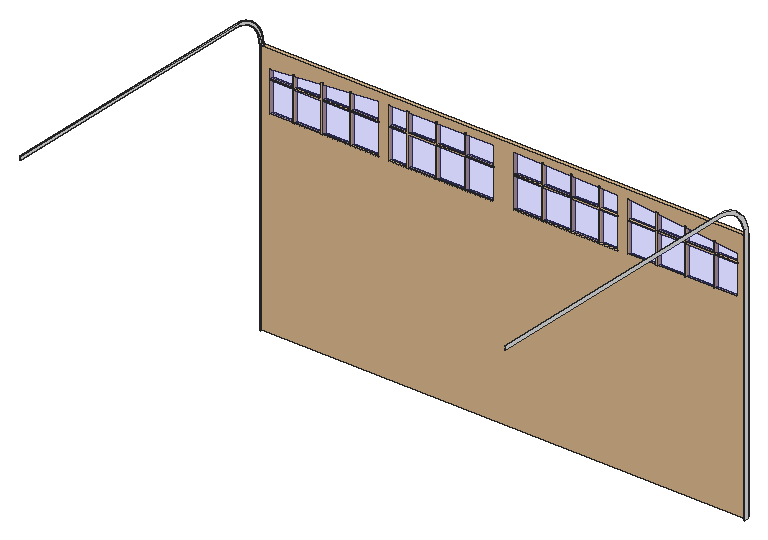
Revit family
Parameters (values of type "7Ft H x 16Ft W")
  Track Width = Width + 0' 2"  # 16' - 2"
  Track Height = Height + 1' 0"  # 9' - 6"
  Track Depth = 10' - 0"
  Track = Metal
  SmartBIM Object Version = 1  # constant formula
  SmartBIM Object Created By = "Reed Construction Data"  # constant formula
  Rough Width = 0' - 0"
  Rough Height = 0' - 0"
  Panel Thickness = 0' - 1 1/2"
  Manufacturer = ""
  Height = 8' - 6"
  Wall Closure = (empty or 0)
  Width = 16' - 0"
  Door Glass = Glass
  Door = Wood
  95 CSI = "08360"  # constant formula
  04 CSI = "08 36 13"  # constant formula
Reference planes (in)
  plane 1 "Center (Front/Back)": y = 0
  plane 2 "Center (Left/Right)": x = 0
  plane 3 "Left": x = -96
  plane 4 "Right": x = 96
  plane 5 "Top": z = 102
  plane 6: x = -97
  plane 7: x = 97
  plane 8: y = -3.25
  plane 9: z = 78.75
  plane 10: z = 39.375
  plane 11: z = 99
  plane 12: y = -2.5
  plane 13: y = -2.5
  plane 14 "Ext": y = -3.25
  plane 15: y = -2.5
  plane 16 "Int": y = -1.75
  plane 17: z = 95
  plane 18: x = 94
  plane 19: x = -94
  plane 20: x = 84.5
  plane 21: x = 61.5
  plane 22: x = 27
  plane 23: x = 73
  plane 24: x = 38.5
  plane 25: x = 4
  plane 26: x = 50
  plane 27: x = 15.5
  plane 28: z = 91
  plane 29: x = 84.25
  plane 30: x = 72.75
  plane 31: x = 61.25
  plane 32: x = 37.75
  plane 33: x = 38.25
  plane 34: x = 26.75
  plane 35: x = 15.25
  plane 36: x = -4
  plane 37: x = -84.5
  plane 38: x = -61.5
  plane 39: x = -27
  plane 40: x = -73
  plane 41: x = -38.5
  plane 42: x = -50
  plane 43: x = -15.5
  plane 44: x = -15.75
  plane 45: x = -27.25
  plane 46: x = -38.75
  plane 47: x = -61.75
  plane 48: x = -73.25
  plane 49: x = -84.75
  plane 50: z = 90.75
  plane 51: z = 76.75
  plane 52: z = 40.375
  plane 53: z = 38.375
  plane 54: z = 1
  plane 55: y = -3
  plane 56: x = 89.25
  plane 57: x = 78.75
  plane 58: x = 67.25
  plane 59: x = 55.75
  plane 60: x = 42.25
  plane 61: x = 32.75
  plane 62: x = 21.25
  plane 63: x = 9.75
  plane 64: x = -9.75
  plane 65: x = -21.25
  plane 66: x = -32.75
  plane 67: x = -44.25
  plane 68: x = -55.75
  plane 69: x = -67.25
  plane 70: x = -78.75
  plane 71: x = -89.25
  plane 72: x = 46
Forms (in)
  Extrusion 1, solid, material "Wood" <- "Door"
    sketch origin (0, 0, 0) x (1, 0, 0) y (0, 0, 1)
      loop
        line (-97, 102) -> (-97, 0) -> (97, 0) -> (97, 102) -> (-97, 102)
      loop
        line (94, 78.75) -> (94, 94.58013)
        arc (94, 94.58013) -> (72.0345, 96.93932) -> (50, 98.52979) r 632.33789
        line (50, 98.52979) -> (50, 78.75) -> (94, 78.75)
      loop
        arc (46, 98.7282) -> (25.00524, 99.39276) -> (4, 99.35962) r 632.33045
        line (4, 99.35962) -> (4, 78.75) -> (46, 78.75) -> (46, 98.7282)
      loop
        line (-46, 98.86093) -> (-46, 78.75) -> (-4, 78.75) -> (-4, 99.29293)
        arc (-4, 99.29293) -> (-25.00359, 99.42576) -> (-46, 98.86093) r 632.32545
      loop
        line (-94, 78.75) -> (-50, 78.75) -> (-50, 98.67411)
        arc (-50, 98.67411) -> (-72.03264, 97.18909) -> (-94, 94.93565) r 632.32545
        line (-94, 94.93565) -> (-94, 78.75)
    from 1.75 to 3.25
  Extrusion 2, solid, material "Wood" <- "Door"
    sketch origin (0, 0, 0) x (1, 0, 0) y (0, 0, 1)
      loop
        line (84.25, 95.72316) -> (84.25, 78.75) -> (84.75, 78.75) -> (84.75, 95.66827)
        arc (84.75, 95.66827) -> (84.50001, 95.69577) -> (84.25, 95.72316) r 632.33789
      loop
        arc (73.25, 96.82903) -> (73, 96.85191) -> (72.75, 96.87469) r 632.33789
        line (72.75, 96.87469) -> (72.75, 78.75) -> (73.25, 78.75) -> (73.25, 96.82903)
      loop
        line (61.25, 97.81445) -> (61.25, 78.75) -> (61.75, 78.75) -> (61.75, 97.77798)
        arc (61.75, 97.77798) -> (61.5, 97.79627) -> (61.25, 97.81445) r 632.33789
      loop
        arc (38.75, 99.03662) -> (38.5, 99.04577) -> (38.25, 99.05482) r 632.33045
        line (38.25, 99.05482) -> (38.25, 78.75) -> (38.75, 78.75) -> (38.75, 99.03662)
      loop
        arc (27.25, 99.35503) -> (27, 99.35962) -> (26.75, 99.36412) r 632.33045
        line (26.75, 99.36412) -> (26.75, 78.75) -> (27.25, 78.75) -> (27.25, 99.35503)
      loop
        line (15.25, 99.46416) -> (15.25, 78.75) -> (15.75, 78.75) -> (15.75, 99.46416)
        arc (15.75, 99.46416) -> (15.5, 99.46421) -> (15.25, 99.46416) r 632.33045
      loop
        arc (-15.25, 99.45085) -> (-15.5, 99.45209) -> (-15.75, 99.45322) r 632.32545
        line (-15.75, 99.45322) -> (-15.75, 78.75) -> (-15.25, 78.75) -> (-15.25, 99.45085)
      loop
        arc (-26.75, 99.40538) -> (-27, 99.40207) -> (-27.25, 99.39866) r 632.32545
        line (-27.25, 99.39866) -> (-27.25, 78.75) -> (-26.75, 78.75) -> (-26.75, 99.40538)
      loop
        line (-38.75, 99.13487) -> (-38.75, 78.75) -> (-38.25, 78.75) -> (-38.25, 99.15069)
        arc (-38.25, 99.15069) -> (-38.5, 99.14283) -> (-38.75, 99.13487) r 632.32545
      loop
        arc (-61.25, 98.01244) -> (-61.5, 97.99545) -> (-61.75, 97.97836) r 632.32545
        line (-61.75, 97.97836) -> (-61.75, 78.75) -> (-61.25, 78.75) -> (-61.25, 98.01244)
      loop
        arc (-72.75, 97.12773) -> (-73, 97.10615) -> (-73.25, 97.08448) r 632.32545
        line (-73.25, 97.08448) -> (-73.25, 78.75) -> (-72.75, 78.75) -> (-72.75, 97.12773)
      loop
        arc (-84.25, 96.03153) -> (-84.50001, 96.00534) -> (-84.75, 95.97906) r 632.32545
        line (-84.75, 95.97906) -> (-84.75, 78.75) -> (-84.25, 78.75) -> (-84.25, 96.03153)
    from 1.75 to 3.25
  Extrusion 3, solid, material "Wood" <- "Door"
    sketch origin (0, 0, 0.25) x (1, 0, 0) y (0, 0, 1)
      loop
        line (94, 91) -> (50, 91) -> (50, 90.5) -> (94, 90.5) -> (94, 91)
      loop
        line (46, 91) -> (4, 91) -> (4, 90.5) -> (46, 90.5) -> (46, 91)
      loop
        line (-4, 91) -> (-46, 91) -> (-46, 90.5) -> (-4, 90.5) -> (-4, 91)
      loop
        line (-50, 91) -> (-94, 91) -> (-94, 90.5) -> (-50, 90.5) -> (-50, 91)
    from 1.75 to 3.25
  Extrusion 4, solid, material "Glass" <- "Door Glass"
    sketch origin (0, -12.25, 0) x (1, 0, 0) y (0, 0, 1)
      loop
        line (61.25, 91.25) -> (61.25, 97.807)
        arc (61.25, 97.807) -> (55.62659, 98.18974) -> (50, 98.52234) r 632.33045
        line (50, 98.52234) -> (50, 91.25) -> (61.25, 91.25)
      loop
        line (50, 90.75) -> (50, 78.75) -> (61.25, 78.75) -> (61.25, 90.75) -> (50, 90.75)
      loop
        line (61.75, 78.75) -> (72.75, 78.75) -> (72.75, 90.75) -> (61.75, 90.75) -> (61.75, 78.75)
      loop
        line (73.25, 78.75) -> (84.25, 78.75) -> (84.25, 90.75) -> (73.25, 90.75) -> (73.25, 78.75)
      loop
        line (84.75, 78.75) -> (94, 78.75) -> (94, 90.75) -> (84.75, 90.75) -> (84.75, 78.75)
      loop
        line (94, 91.25) -> (94, 94.58013)
        arc (94, 94.58013) -> (89.377, 95.14123) -> (84.75, 95.66827) r 632.33789
        line (84.75, 95.66827) -> (84.75, 91.25) -> (94, 91.25)
      loop
        arc (84.25, 95.72316) -> (78.75242, 96.30014) -> (73.25, 96.82903) r 632.33789
        line (73.25, 96.82903) -> (73.25, 91.25) -> (84.25, 91.25) -> (84.25, 95.72316)
      loop
        arc (72.75, 96.87469) -> (67.25197, 97.35033) -> (61.75, 97.77798) r 632.33789
        line (61.75, 97.77798) -> (61.75, 91.25) -> (72.75, 91.25) -> (72.75, 96.87469)
      loop
        line (38.75, 91.25) -> (46, 91.25) -> (46, 98.7282)
        arc (46, 98.7282) -> (42.37544, 98.89281) -> (38.75, 99.03662) r 632.33045
        line (38.75, 99.03662) -> (38.75, 91.25)
      loop
        line (46, 90.75) -> (38.75, 90.75) -> (38.75, 78.75) -> (46, 78.75) -> (46, 90.75)
      loop
        line (38.25, 78.75) -> (38.25, 90.75) -> (27.25, 90.75) -> (27.25, 78.75) -> (38.25, 78.75)
      loop
        line (26.75, 78.75) -> (26.75, 90.75) -> (15.75, 90.75) -> (15.75, 78.75) -> (26.75, 78.75)
      loop
        line (15.25, 78.75) -> (15.25, 90.75) -> (4, 90.75) -> (4, 78.75) -> (15.25, 78.75)
      loop
        line (4, 91.25) -> (15.25, 91.25) -> (15.25, 99.46416)
        arc (15.25, 99.46416) -> (9.62477, 99.43691) -> (4, 99.35962) r 632.33045
        line (4, 99.35962) -> (4, 91.25)
      loop
        line (15.75, 99.46416) -> (15.75, 91.25) -> (26.75, 91.25) -> (26.75, 99.36412)
        arc (26.75, 99.36412) -> (21.25022, 99.43806) -> (15.75, 99.46416) r 632.33045
      loop
        line (27.25, 99.35503) -> (27.25, 91.25) -> (38.25, 91.25) -> (38.25, 99.05482)
        arc (38.25, 99.05482) -> (32.75065, 99.22885) -> (27.25, 99.35503) r 632.33045
      loop
        line (-26.75, 91.25) -> (-15.75, 91.25) -> (-15.75, 99.45322)
        arc (-15.75, 99.45322) -> (-21.2501, 99.45322) -> (-26.75, 99.40538) r 632.32545
        line (-26.75, 99.40538) -> (-26.75, 91.25)
      loop
        line (-15.25, 99.45085) -> (-15.25, 91.25) -> (-4, 91.25) -> (-4, 99.29293)
        arc (-4, 99.29293) -> (-9.62465, 99.39691) -> (-15.25, 99.45085) r 632.32545
      loop
        line (-4, 90.75) -> (-15.25, 90.75) -> (-15.25, 78.75) -> (-4, 78.75) -> (-4, 90.75)
      loop
        line (-15.75, 78.75) -> (-15.75, 90.75) -> (-26.75, 90.75) -> (-26.75, 78.75) -> (-15.75, 78.75)
      loop
        line (-27.25, 78.75) -> (-27.25, 90.75) -> (-38.25, 90.75) -> (-38.25, 78.75) -> (-27.25, 78.75)
      loop
        line (-38.75, 78.75) -> (-38.75, 90.75) -> (-46, 90.75) -> (-46, 78.75) -> (-38.75, 78.75)
      loop
        line (-46, 91.25) -> (-38.75, 91.25) -> (-38.75, 99.13487)
        arc (-38.75, 99.13487) -> (-42.37539, 99.0083) -> (-46, 98.86093) r 632.32545
        line (-46, 98.86093) -> (-46, 91.25)
      loop
        line (-38.25, 99.15069) -> (-38.25, 91.25) -> (-27.25, 91.25) -> (-27.25, 99.39866)
        arc (-27.25, 99.39866) -> (-32.75054, 99.2986) -> (-38.25, 99.15069) r 632.32545
      loop
        line (-61.25, 91.25) -> (-50, 91.25) -> (-50, 98.67411)
        arc (-50, 98.67411) -> (-55.62647, 98.36834) -> (-61.25, 98.01244) r 632.32545
        line (-61.25, 98.01244) -> (-61.25, 91.25)
      loop
        line (-50, 90.75) -> (-61.25, 90.75) -> (-61.25, 78.75) -> (-50, 78.75) -> (-50, 90.75)
      loop
        line (-61.75, 78.75) -> (-61.75, 90.75) -> (-72.75, 90.75) -> (-72.75, 78.75) -> (-61.75, 78.75)
      loop
        line (-73.25, 78.75) -> (-73.25, 90.75) -> (-84.25, 90.75) -> (-84.25, 78.75) -> (-73.25, 78.75)
      loop
        line (-84.75, 78.75) -> (-84.75, 90.75) -> (-94, 90.75) -> (-94, 78.75) -> (-84.75, 78.75)
      loop
        line (-94, 91.25) -> (-84.75, 91.25) -> (-84.75, 95.97906)
        arc (-84.75, 95.97906) -> (-89.37692, 95.47438) -> (-94, 94.93565) r 632.32545
        line (-94, 94.93565) -> (-94, 91.25)
      loop
        line (-84.25, 96.03153) -> (-84.25, 91.25) -> (-73.25, 91.25) -> (-73.25, 97.08448)
        arc (-73.25, 97.08448) -> (-78.7523, 96.58203) -> (-84.25, 96.03153) r 632.32545
      loop
        line (-72.75, 97.12773) -> (-72.75, 91.25) -> (-61.75, 91.25) -> (-61.75, 97.97836)
        arc (-61.75, 97.97836) -> (-67.25186, 97.57704) -> (-72.75, 97.12773) r 632.32545
    from -9.75 to -9.25
Cuts and joins
  joined: Extrusion 2, Extrusion 3
Lines and regions (in)
  Opening 1
    outline origin (-90, -1.75, 0) x (1, 0, 0) y (0, 0, 1)
      loop
        line (-6, 0) -> (186, 0) -> (186, 102) -> (-6, 102) -> (-6, 0)
  model lines
    curve 1: line (94, -3.25, 40.375) -> (84.75, -3.25, 40.375)
    curve 2: line (94, -3.25, 76.75) -> (94, -3.25, 40.375)
    curve 3: line (84.75, -3.25, 76.75) -> (94, -3.25, 76.75)
    curve 4: line (84.75, -3.25, 40.375) -> (84.75, -3.25, 76.75)
    curve 5: line (61.75, -3.25, 40.375) -> (72.75, -3.25, 40.375)
    curve 6: line (61.75, -3.25, 76.75) -> (61.75, -3.25, 40.375)
    curve 7: line (72.75, -3.25, 76.75) -> (61.75, -3.25, 76.75)
    curve 8: line (72.75, -3.25, 40.375) -> (72.75, -3.25, 76.75)
    curve 9: line (73.25, -3.25, 40.375) -> (84.25, -3.25, 40.375)
    curve 10: line (73.25, -3.25, 76.75) -> (73.25, -3.25, 40.375)
    curve 11: line (84.25, -3.25, 76.75) -> (73.25, -3.25, 76.75)
    curve 12: line (84.25, -3.25, 40.375) -> (84.25, -3.25, 76.75)
    curve 13: line (4, -3.25, 76.75) -> (15.25, -3.25, 76.75)
    curve 14: line (4, -3.25, 40.375) -> (4, -3.25, 76.75)
    curve 15: line (15.25, -3.25, 40.375) -> (4, -3.25, 40.375)
    curve 16: line (15.25, -3.25, 76.75) -> (15.25, -3.25, 40.375)
    curve 17: line (15.75, -3.25, 40.375) -> (26.75, -3.25, 40.375)
    curve 18: line (15.75, -3.25, 76.75) -> (15.75, -3.25, 40.375)
    curve 19: line (26.75, -3.25, 76.75) -> (15.75, -3.25, 76.75)
    curve 20: line (26.75, -3.25, 40.375) -> (26.75, -3.25, 76.75)
    curve 21: line (27.25, -3.25, 40.375) -> (38.25, -3.25, 40.375)
    curve 22: line (27.25, -3.25, 76.75) -> (27.25, -3.25, 40.375)
    curve 23: line (38.25, -3.25, 76.75) -> (27.25, -3.25, 76.75)
    curve 24: line (38.25, -3.25, 40.375) -> (38.25, -3.25, 76.75)
    curve 25: line (38.75, -3.25, 40.375) -> (46, -3.25, 40.375)
    curve 26: line (38.75, -3.25, 76.75) -> (38.75, -3.25, 40.375)
    curve 27: line (46, -3.25, 76.75) -> (38.75, -3.25, 76.75)
    curve 28: line (46, -3.25, 40.375) -> (46, -3.25, 76.75)
    curve 29: line (50, -3.25, 76.75) -> (61.25, -3.25, 76.75)
    curve 30: line (50, -3.25, 40.375) -> (50, -3.25, 76.75)
    curve 31: line (61.25, -3.25, 40.375) -> (50, -3.25, 40.375)
    curve 32: line (61.25, -3.25, 76.75) -> (61.25, -3.25, 40.375)
    curve 33: line (85.25, -3.25, 76.25) -> (93.5, -3.25, 76.25)
    curve 34: line (93.5, -3.25, 76.25) -> (93.5, -3.25, 40.875)
    curve 35: line (93.5, -3.25, 40.875) -> (85.25, -3.25, 40.875)
    curve 36: line (85.25, -3.25, 40.875) -> (85.25, -3.25, 76.25)
    curve 37: line (83.75, -3.25, 76.25) -> (73.75, -3.25, 76.25)
    curve 38: line (73.75, -3.25, 76.25) -> (73.75, -3.25, 40.875)
    curve 39: line (73.75, -3.25, 40.875) -> (83.75, -3.25, 40.875)
    curve 40: line (83.75, -3.25, 40.875) -> (83.75, -3.25, 76.25)
    curve 41: line (26.25, -3.25, 76.25) -> (16.25, -3.25, 76.25)
    curve 42: line (16.25, -3.25, 76.25) -> (16.25, -3.25, 40.875)
    curve 43: line (16.25, -3.25, 40.875) -> (26.25, -3.25, 40.875)
    curve 44: line (26.25, -3.25, 40.875) -> (26.25, -3.25, 76.25)
    curve 45: line (37.75, -3.25, 76.25) -> (27.75, -3.25, 76.25)
    curve 46: line (27.75, -3.25, 76.25) -> (27.75, -3.25, 40.875)
    curve 47: line (27.75, -3.25, 40.875) -> (37.75, -3.25, 40.875)
    curve 48: line (37.75, -3.25, 40.875) -> (37.75, -3.25, 76.25)
    curve 49: line (45.5, -3.25, 76.25) -> (39.25, -3.25, 76.25)
    curve 50: line (39.25, -3.25, 76.25) -> (39.25, -3.25, 40.875)
    curve 51: line (39.25, -3.25, 40.875) -> (45.5, -3.25, 40.875)
    curve 52: line (45.5, -3.25, 40.875) -> (45.5, -3.25, 76.25)
    curve 53: line (4.5, -3.25, 76.25) -> (14.75, -3.25, 76.25)
    curve 54: line (14.75, -3.25, 76.25) -> (14.75, -3.25, 40.875)
    curve 55: line (14.75, -3.25, 40.875) -> (4.5, -3.25, 40.875)
    curve 56: line (4.5, -3.25, 40.875) -> (4.5, -3.25, 76.25)
    curve 57: line (50.5, -3.25, 76.25) -> (60.75, -3.25, 76.25)
    curve 58: line (60.75, -3.25, 76.25) -> (60.75, -3.25, 40.875)
    curve 59: line (60.75, -3.25, 40.875) -> (50.5, -3.25, 40.875)
    curve 60: line (50.5, -3.25, 40.875) -> (50.5, -3.25, 76.25)
    curve 61: line (72.25, -3.25, 76.25) -> (62.25, -3.25, 76.25)
    curve 62: line (62.25, -3.25, 76.25) -> (62.25, -3.25, 40.875)
    curve 63: line (62.25, -3.25, 40.875) -> (72.25, -3.25, 40.875)
    curve 64: line (72.25, -3.25, 40.875) -> (72.25, -3.25, 76.25)
    curve 65: line (-94, -3.25, 76.75) -> (-84.75, -3.25, 76.75)
    curve 66: line (-94, -3.25, 40.375) -> (-94, -3.25, 76.75)
    curve 67: line (-84.75, -3.25, 40.375) -> (-94, -3.25, 40.375)
    curve 68: line (-84.75, -3.25, 76.75) -> (-84.75, -3.25, 40.375)
    curve 69: line (-73.25, -3.25, 76.75) -> (-84.25, -3.25, 76.75)
    curve 70: line (-73.25, -3.25, 40.375) -> (-73.25, -3.25, 76.75)
    curve 71: line (-84.25, -3.25, 40.375) -> (-73.25, -3.25, 40.375)
    curve 72: line (-84.25, -3.25, 76.75) -> (-84.25, -3.25, 40.375)
    curve 73: line (-61.75, -3.25, 76.75) -> (-72.75, -3.25, 76.75)
    curve 74: line (-61.75, -3.25, 40.375) -> (-61.75, -3.25, 76.75)
    curve 75: line (-72.75, -3.25, 40.375) -> (-61.75, -3.25, 40.375)
    curve 76: line (-72.75, -3.25, 76.75) -> (-72.75, -3.25, 40.375)
    curve 77: line (-50, -3.25, 76.75) -> (-61.25, -3.25, 76.75)
    curve 78: line (-50, -3.25, 40.375) -> (-50, -3.25, 76.75)
    curve 79: line (-61.25, -3.25, 40.375) -> (-50, -3.25, 40.375)
    curve 80: line (-61.25, -3.25, 76.75) -> (-61.25, -3.25, 40.375)
    curve 81: line (-38.75, -3.25, 76.75) -> (-46, -3.25, 76.75)
    curve 82: line (-38.75, -3.25, 40.375) -> (-38.75, -3.25, 76.75)
    curve 83: line (-46, -3.25, 40.375) -> (-38.75, -3.25, 40.375)
    curve 84: line (-46, -3.25, 76.75) -> (-46, -3.25, 40.375)
    curve 85: line (-27.25, -3.25, 76.75) -> (-38.25, -3.25, 76.75)
    curve 86: line (-27.25, -3.25, 40.375) -> (-27.25, -3.25, 76.75)
    curve 87: line (-38.25, -3.25, 40.375) -> (-27.25, -3.25, 40.375)
    curve 88: line (-38.25, -3.25, 76.75) -> (-38.25, -3.25, 40.375)
    curve 89: line (-26.75, -3.25, 76.75) -> (-15.75, -3.25, 76.75)
    curve 90: line (-26.75, -3.25, 40.375) -> (-26.75, -3.25, 76.75)
    curve 91: line (-15.75, -3.25, 40.375) -> (-26.75, -3.25, 40.375)
    curve 92: line (-15.75, -3.25, 76.75) -> (-15.75, -3.25, 40.375)
    curve 93: line (-15.25, -3.25, 76.75) -> (-4, -3.25, 76.75)
    curve 94: line (-15.25, -3.25, 40.375) -> (-15.25, -3.25, 76.75)
    curve 95: line (-4, -3.25, 40.375) -> (-15.25, -3.25, 40.375)
    curve 96: line (-4, -3.25, 76.75) -> (-4, -3.25, 40.375)
    curve 97: line (-14.75, -3.25, 76.25) -> (-4.5, -3.25, 76.25)
    curve 98: line (-4.5, -3.25, 76.25) -> (-4.5, -3.25, 40.875)
    curve 99: line (-4.5, -3.25, 40.875) -> (-14.75, -3.25, 40.875)
    curve 100: line (-26.25, -3.25, 76.25) -> (-16.25, -3.25, 76.25)
    curve 101: line (-16.25, -3.25, 76.25) -> (-16.25, -3.25, 40.875)
    curve 102: line (-16.25, -3.25, 40.875) -> (-26.25, -3.25, 40.875)
    curve 103: line (-26.25, -3.25, 40.875) -> (-26.25, -3.25, 76.25)
    curve 104: line (-27.75, -3.25, 76.25) -> (-37.75, -3.25, 76.25)
    curve 105: line (-37.75, -3.25, 76.25) -> (-37.75, -3.25, 40.875)
    curve 106: line (-37.75, -3.25, 40.875) -> (-27.75, -3.25, 40.875)
    curve 107: line (-27.75, -3.25, 40.875) -> (-27.75, -3.25, 76.25)
    curve 108: line (-39.25, -3.25, 76.25) -> (-45.5, -3.25, 76.25)
    curve 109: line (-45.5, -3.25, 76.25) -> (-45.5, -3.25, 40.875)
    curve 110: line (-45.5, -3.25, 40.875) -> (-39.25, -3.25, 40.875)
    curve 111: line (-39.25, -3.25, 40.875) -> (-39.25, -3.25, 76.25)
    curve 112: line (-50.5, -3.25, 76.25) -> (-60.75, -3.25, 76.25)
    curve 113: line (-60.75, -3.25, 76.25) -> (-60.75, -3.25, 40.875)
    curve 114: line (-60.75, -3.25, 40.875) -> (-50.5, -3.25, 40.875)
    curve 115: line (-50.5, -3.25, 40.875) -> (-50.5, -3.25, 76.25)
    curve 116: line (-62.25, -3.25, 76.25) -> (-72.25, -3.25, 76.25)
    curve 117: line (-72.25, -3.25, 76.25) -> (-72.25, -3.25, 40.875)
    curve 118: line (-72.25, -3.25, 40.875) -> (-62.25, -3.25, 40.875)
    curve 119: line (-62.25, -3.25, 40.875) -> (-62.25, -3.25, 76.25)
    curve 120: line (-73.75, -3.25, 76.25) -> (-83.75, -3.25, 76.25)
    curve 121: line (-83.75, -3.25, 76.25) -> (-83.75, -3.25, 40.875)
    curve 122: line (-83.75, -3.25, 40.875) -> (-73.75, -3.25, 40.875)
    curve 123: line (-73.75, -3.25, 40.875) -> (-73.75, -3.25, 76.25)
    curve 124: line (-93.5, -3.25, 76.25) -> (-85.25, -3.25, 76.25)
    curve 125: line (-85.25, -3.25, 76.25) -> (-85.25, -3.25, 40.875)
    curve 126: line (-85.25, -3.25, 40.875) -> (-93.5, -3.25, 40.875)
    curve 127: line (-93.5, -3.25, 40.875) -> (-93.5, -3.25, 76.25)
    curve 128: line (84.75, -3.25, 1) -> (84.75, -3.25, 38.375)
    curve 129: line (61.75, -3.25, 1) -> (72.75, -3.25, 1)
    curve 130: line (61.75, -3.25, 38.375) -> (61.75, -3.25, 1)
    curve 131: line (72.75, -3.25, 38.375) -> (61.75, -3.25, 38.375)
    curve 132: line (72.75, -3.25, 1) -> (72.75, -3.25, 38.375)
    curve 133: line (73.25, -3.25, 1) -> (84.25, -3.25, 1)
    curve 134: line (73.25, -3.25, 38.375) -> (73.25, -3.25, 1)
    curve 135: line (84.25, -3.25, 38.375) -> (73.25, -3.25, 38.375)
    curve 136: line (84.25, -3.25, 1) -> (84.25, -3.25, 38.375)
    curve 137: line (4, -3.25, 38.375) -> (15.25, -3.25, 38.375)
    curve 138: line (4, -3.25, 1) -> (4, -3.25, 38.375)
    curve 139: line (15.25, -3.25, 1) -> (4, -3.25, 1)
    curve 140: line (15.25, -3.25, 38.375) -> (15.25, -3.25, 1)
    curve 141: line (15.75, -3.25, 1) -> (26.75, -3.25, 1)
    curve 142: line (15.75, -3.25, 38.375) -> (15.75, -3.25, 1)
    curve 143: line (26.75, -3.25, 38.375) -> (15.75, -3.25, 38.375)
    curve 144: line (26.75, -3.25, 1) -> (26.75, -3.25, 38.375)
    curve 145: line (27.25, -3.25, 1) -> (38.25, -3.25, 1)
    curve 146: line (27.25, -3.25, 38.375) -> (27.25, -3.25, 1)
    curve 147: line (38.25, -3.25, 38.375) -> (27.25, -3.25, 38.375)
    curve 148: line (38.25, -3.25, 1) -> (38.25, -3.25, 38.375)
    curve 149: line (38.75, -3.25, 1) -> (46, -3.25, 1)
    curve 150: line (38.75, -3.25, 38.375) -> (38.75, -3.25, 1)
    curve 151: line (46, -3.25, 38.375) -> (38.75, -3.25, 38.375)
    curve 152: line (46, -3.25, 1) -> (46, -3.25, 38.375)
    curve 153: line (50, -3.25, 38.375) -> (61.25, -3.25, 38.375)
    curve 154: line (50, -3.25, 1) -> (50, -3.25, 38.375)
    curve 155: line (61.25, -3.25, 1) -> (50, -3.25, 1)
    curve 156: line (61.25, -3.25, 38.375) -> (61.25, -3.25, 1)
    curve 157: line (85.25, -3.25, 37.875) -> (93.5, -3.25, 37.875)
    curve 158: line (93.5, -3.25, 37.875) -> (93.5, -3.25, 1.5)
    curve 159: line (93.5, -3.25, 1.5) -> (85.25, -3.25, 1.5)
    curve 160: line (85.25, -3.25, 1.5) -> (85.25, -3.25, 37.875)
    curve 161: line (83.75, -3.25, 37.875) -> (73.75, -3.25, 37.875)
    curve 162: line (73.75, -3.25, 37.875) -> (73.75, -3.25, 1.5)
    curve 163: line (73.75, -3.25, 1.5) -> (83.75, -3.25, 1.5)
    curve 164: line (83.75, -3.25, 1.5) -> (83.75, -3.25, 37.875)
    curve 165: line (26.25, -3.25, 37.875) -> (16.25, -3.25, 37.875)
    curve 166: line (16.25, -3.25, 37.875) -> (16.25, -3.25, 1.5)
    curve 167: line (16.25, -3.25, 1.5) -> (26.25, -3.25, 1.5)
    curve 168: line (26.25, -3.25, 1.5) -> (26.25, -3.25, 37.875)
    curve 169: line (37.75, -3.25, 37.875) -> (27.75, -3.25, 37.875)
    curve 170: line (27.75, -3.25, 37.875) -> (27.75, -3.25, 1.5)
    curve 171: line (27.75, -3.25, 1.5) -> (37.75, -3.25, 1.5)
    curve 172: line (37.75, -3.25, 1.5) -> (37.75, -3.25, 37.875)
    curve 173: line (45.5, -3.25, 37.875) -> (39.25, -3.25, 37.875)
    curve 174: line (39.25, -3.25, 37.875) -> (39.25, -3.25, 1.5)
    curve 175: line (39.25, -3.25, 1.5) -> (45.5, -3.25, 1.5)
    curve 176: line (45.5, -3.25, 1.5) -> (45.5, -3.25, 37.875)
    curve 177: line (4.5, -3.25, 37.875) -> (14.75, -3.25, 37.875)
    curve 178: line (14.75, -3.25, 37.875) -> (14.75, -3.25, 1.5)
    curve 179: line (14.75, -3.25, 1.5) -> (4.5, -3.25, 1.5)
    curve 180: line (4.5, -3.25, 1.5) -> (4.5, -3.25, 37.875)
    curve 181: line (50.5, -3.25, 37.875) -> (60.75, -3.25, 37.875)
    curve 182: line (60.75, -3.25, 37.875) -> (60.75, -3.25, 1.5)
    curve 183: line (60.75, -3.25, 1.5) -> (50.5, -3.25, 1.5)
    curve 184: line (50.5, -3.25, 1.5) -> (50.5, -3.25, 37.875)
    curve 185: line (72.25, -3.25, 37.875) -> (62.25, -3.25, 37.875)
    curve 186: line (62.25, -3.25, 37.875) -> (62.25, -3.25, 1.5)
    curve 187: line (62.25, -3.25, 1.5) -> (72.25, -3.25, 1.5)
    curve 188: line (72.25, -3.25, 1.5) -> (72.25, -3.25, 37.875)
    curve 189: line (-94, -3.25, 38.375) -> (-84.75, -3.25, 38.375)
    curve 190: line (-94, -3.25, 1) -> (-94, -3.25, 38.375)
    curve 191: line (-84.75, -3.25, 1) -> (-94, -3.25, 1)
    curve 192: line (-84.75, -3.25, 38.375) -> (-84.75, -3.25, 1)
    curve 193: line (-73.25, -3.25, 38.375) -> (-84.25, -3.25, 38.375)
    curve 194: line (-73.25, -3.25, 1) -> (-73.25, -3.25, 38.375)
    curve 195: line (-84.25, -3.25, 1) -> (-73.25, -3.25, 1)
    curve 196: line (-84.25, -3.25, 38.375) -> (-84.25, -3.25, 1)
    curve 197: line (-61.75, -3.25, 38.375) -> (-72.75, -3.25, 38.375)
    curve 198: line (-61.75, -3.25, 1) -> (-61.75, -3.25, 38.375)
    curve 199: line (-72.75, -3.25, 1) -> (-61.75, -3.25, 1)
    curve 200: line (-72.75, -3.25, 38.375) -> (-72.75, -3.25, 1)
    curve 201: line (-50, -3.25, 38.375) -> (-61.25, -3.25, 38.375)
    curve 202: line (-50, -3.25, 1) -> (-50, -3.25, 38.375)
    curve 203: line (-61.25, -3.25, 1) -> (-50, -3.25, 1)
    curve 204: line (-61.25, -3.25, 38.375) -> (-61.25, -3.25, 1)
    curve 205: line (-38.75, -3.25, 38.375) -> (-46, -3.25, 38.375)
    curve 206: line (-38.75, -3.25, 1) -> (-38.75, -3.25, 38.375)
    curve 207: line (-46, -3.25, 1) -> (-38.75, -3.25, 1)
    curve 208: line (-46, -3.25, 38.375) -> (-46, -3.25, 1)
    curve 209: line (-27.25, -3.25, 38.375) -> (-38.25, -3.25, 38.375)
    curve 210: line (-27.25, -3.25, 1) -> (-27.25, -3.25, 38.375)
    curve 211: line (-38.25, -3.25, 1) -> (-27.25, -3.25, 1)
    curve 212: line (-38.25, -3.25, 38.375) -> (-38.25, -3.25, 1)
    curve 213: line (-26.75, -3.25, 38.375) -> (-15.75, -3.25, 38.375)
    curve 214: line (-26.75, -3.25, 1) -> (-26.75, -3.25, 38.375)
    curve 215: line (-15.75, -3.25, 1) -> (-26.75, -3.25, 1)
    curve 216: line (-15.75, -3.25, 38.375) -> (-15.75, -3.25, 1)
    curve 217: line (-15.25, -3.25, 38.375) -> (-4, -3.25, 38.375)
    curve 218: line (-15.25, -3.25, 1) -> (-15.25, -3.25, 38.375)
    curve 219: line (-4, -3.25, 1) -> (-15.25, -3.25, 1)
    curve 220: line (-4, -3.25, 38.375) -> (-4, -3.25, 1)
    curve 221: line (-14.75, -3.25, 37.875) -> (-4.5, -3.25, 37.875)
    curve 222: line (-4.5, -3.25, 37.875) -> (-4.5, -3.25, 1.5)
    curve 223: line (-4.5, -3.25, 1.5) -> (-14.75, -3.25, 1.5)
    curve 224: line (-14.75, -3.25, 1.5) -> (-14.75, -3.25, 37.875)
    curve 225: line (-26.25, -3.25, 37.875) -> (-16.25, -3.25, 37.875)
    curve 226: line (-16.25, -3.25, 37.875) -> (-16.25, -3.25, 1.5)
    curve 227: line (-16.25, -3.25, 1.5) -> (-26.25, -3.25, 1.5)
    curve 228: line (-26.25, -3.25, 1.5) -> (-26.25, -3.25, 37.875)
    curve 229: line (-27.75, -3.25, 37.875) -> (-37.75, -3.25, 37.875)
    curve 230: line (-37.75, -3.25, 37.875) -> (-37.75, -3.25, 1.5)
    curve 231: line (-37.75, -3.25, 1.5) -> (-27.75, -3.25, 1.5)
    curve 232: line (-27.75, -3.25, 1.5) -> (-27.75, -3.25, 37.875)
    curve 233: line (-39.25, -3.25, 37.875) -> (-45.5, -3.25, 37.875)
    curve 234: line (-45.5, -3.25, 37.875) -> (-45.5, -3.25, 1.5)
    curve 235: line (-45.5, -3.25, 1.5) -> (-39.25, -3.25, 1.5)
    curve 236: line (-39.25, -3.25, 1.5) -> (-39.25, -3.25, 37.875)
    curve 237: line (-50.5, -3.25, 37.875) -> (-60.75, -3.25, 37.875)
    curve 238: line (-60.75, -3.25, 37.875) -> (-60.75, -3.25, 1.5)
    curve 239: line (-60.75, -3.25, 1.5) -> (-50.5, -3.25, 1.5)
    curve 240: line (-50.5, -3.25, 1.5) -> (-50.5, -3.25, 37.875)
    curve 241: line (-62.25, -3.25, 37.875) -> (-72.25, -3.25, 37.875)
    curve 242: line (-72.25, -3.25, 37.875) -> (-72.25, -3.25, 1.5)
    curve 243: line (-72.25, -3.25, 1.5) -> (-62.25, -3.25, 1.5)
    curve 244: line (-62.25, -3.25, 1.5) -> (-62.25, -3.25, 37.875)
    curve 245: line (-73.75, -3.25, 37.875) -> (-83.75, -3.25, 37.875)
    curve 246: line (-83.75, -3.25, 37.875) -> (-83.75, -3.25, 1.5)
    curve 247: line (-83.75, -3.25, 1.5) -> (-73.75, -3.25, 1.5)
    curve 248: line (-73.75, -3.25, 1.5) -> (-73.75, -3.25, 37.875)
    curve 249: line (-93.5, -3.25, 37.875) -> (-85.25, -3.25, 37.875)
    curve 250: line (-85.25, -3.25, 37.875) -> (-85.25, -3.25, 1.5)
    curve 251: line (-85.25, -3.25, 1.5) -> (-93.5, -3.25, 1.5)
    curve 252: line (-93.5, -3.25, 1.5) -> (-93.5, -3.25, 37.875)
    curve 253: line (-14.75, -3.25, 40.875) -> (-14.75, -3.25, 76.25)
    curve 254: line (84.75, -3.25, 38.375) -> (94, -3.25, 38.375)
    curve 255: line (94, -3.25, 38.375) -> (94, -3.25, 1)
    curve 256: line (94, -3.25, 1) -> (84.75, -3.25, 1)
    curve 257: line (84.75, -1.75, 76.75) -> (94, -1.75, 76.75)
    curve 258: line (94, -1.75, 76.75) -> (94, -1.75, 40.375)
    curve 259: line (94, -1.75, 40.375) -> (84.75, -1.75, 40.375)
    curve 260: line (84.75, -1.75, 40.375) -> (84.75, -1.75, 76.75)
    curve 261: line (85.25, -1.75, 76.25) -> (93.5, -1.75, 76.25)
    curve 262: line (93.5, -1.75, 76.25) -> (93.5, -1.75, 40.875)
    curve 263: line (93.5, -1.75, 40.875) -> (85.25, -1.75, 40.875)
    curve 264: line (85.25, -1.75, 40.875) -> (85.25, -1.75, 76.25)
    curve 265: line (84.25, -1.75, 76.75) -> (73.25, -1.75, 76.75)
    curve 266: line (73.25, -1.75, 76.75) -> (73.25, -1.75, 40.375)
    curve 267: line (73.25, -1.75, 40.375) -> (84.25, -1.75, 40.375)
    curve 268: line (84.25, -1.75, 40.375) -> (84.25, -1.75, 76.75)
    curve 269: line (83.75, -1.75, 76.25) -> (73.75, -1.75, 76.25)
    curve 270: line (73.75, -1.75, 76.25) -> (73.75, -1.75, 40.875)
    curve 271: line (73.75, -1.75, 40.875) -> (83.75, -1.75, 40.875)
    curve 272: line (83.75, -1.75, 40.875) -> (83.75, -1.75, 76.25)
    curve 273: line (72.25, -1.75, 76.25) -> (62.25, -1.75, 76.25)
    curve 274: line (62.25, -1.75, 76.25) -> (62.25, -1.75, 40.875)
    curve 275: line (62.25, -1.75, 40.875) -> (72.25, -1.75, 40.875)
    curve 276: line (72.25, -1.75, 40.875) -> (72.25, -1.75, 76.25)
    curve 277: line (72.75, -1.75, 76.75) -> (61.75, -1.75, 76.75)
    curve 278: line (61.75, -1.75, 76.75) -> (61.75, -1.75, 40.375)
    curve 279: line (61.75, -1.75, 40.375) -> (72.75, -1.75, 40.375)
    curve 280: line (72.75, -1.75, 40.375) -> (72.75, -1.75, 76.75)
    curve 281: line (50, -1.75, 76.75) -> (61.25, -1.75, 76.75)
    curve 282: line (61.25, -1.75, 76.75) -> (61.25, -1.75, 40.375)
    curve 283: line (61.25, -1.75, 40.375) -> (50, -1.75, 40.375)
    curve 284: line (50, -1.75, 40.375) -> (50, -1.75, 76.75)
    curve 285: line (50.5, -1.75, 76.25) -> (60.75, -1.75, 76.25)
    curve 286: line (60.75, -1.75, 76.25) -> (60.75, -1.75, 40.875)
    curve 287: line (60.75, -1.75, 40.875) -> (50.5, -1.75, 40.875)
    curve 288: line (50.5, -1.75, 40.875) -> (50.5, -1.75, 76.25)
    curve 289: line (46, -1.75, 76.75) -> (38.75, -1.75, 76.75)
    curve 290: line (38.75, -1.75, 76.75) -> (38.75, -1.75, 40.375)
    curve 291: line (38.75, -1.75, 40.375) -> (46, -1.75, 40.375)
    curve 292: line (46, -1.75, 40.375) -> (46, -1.75, 76.75)
    curve 293: line (45.5, -1.75, 76.25) -> (39.25, -1.75, 76.25)
    curve 294: line (39.25, -1.75, 76.25) -> (39.25, -1.75, 40.875)
    curve 295: line (39.25, -1.75, 40.875) -> (45.5, -1.75, 40.875)
    curve 296: line (45.5, -1.75, 40.875) -> (45.5, -1.75, 76.25)
    curve 297: line (38.25, -1.75, 76.75) -> (27.25, -1.75, 76.75)
    curve 298: line (27.25, -1.75, 76.75) -> (27.25, -1.75, 40.375)
    curve 299: line (27.25, -1.75, 40.375) -> (38.25, -1.75, 40.375)
    curve 300: line (38.25, -1.75, 40.375) -> (38.25, -1.75, 76.75)
    curve 301: line (37.75, -1.75, 76.25) -> (27.75, -1.75, 76.25)
    curve 302: line (27.75, -1.75, 76.25) -> (27.75, -1.75, 40.875)
    curve 303: line (27.75, -1.75, 40.875) -> (37.75, -1.75, 40.875)
    curve 304: line (37.75, -1.75, 40.875) -> (37.75, -1.75, 76.25)
    curve 305: line (26.75, -1.75, 76.75) -> (15.75, -1.75, 76.75)
    curve 306: line (15.75, -1.75, 76.75) -> (15.75, -1.75, 40.375)
    curve 307: line (15.75, -1.75, 40.375) -> (26.75, -1.75, 40.375)
    curve 308: line (26.75, -1.75, 40.375) -> (26.75, -1.75, 76.75)
    curve 309: line (26.25, -1.75, 76.25) -> (16.25, -1.75, 76.25)
    curve 310: line (16.25, -1.75, 76.25) -> (16.25, -1.75, 40.875)
    curve 311: line (16.25, -1.75, 40.875) -> (26.25, -1.75, 40.875)
    curve 312: line (26.25, -1.75, 40.875) -> (26.25, -1.75, 76.25)
    curve 313: line (4, -1.75, 76.75) -> (15.25, -1.75, 76.75)
    curve 314: line (15.25, -1.75, 76.75) -> (15.25, -1.75, 40.375)
    curve 315: line (15.25, -1.75, 40.375) -> (4, -1.75, 40.375)
    curve 316: line (4, -1.75, 40.375) -> (4, -1.75, 76.75)
    curve 317: line (4.5, -1.75, 76.25) -> (14.75, -1.75, 76.25)
    curve 318: line (14.75, -1.75, 76.25) -> (14.75, -1.75, 40.875)
    curve 319: line (14.75, -1.75, 40.875) -> (4.5, -1.75, 40.875)
    curve 320: line (4.5, -1.75, 40.875) -> (4.5, -1.75, 76.25)
    curve 321: line (-15.25, -1.75, 76.75) -> (-4, -1.75, 76.75)
    curve 322: line (-4, -1.75, 76.75) -> (-4, -1.75, 40.375)
    curve 323: line (-4, -1.75, 40.375) -> (-15.25, -1.75, 40.375)
    curve 324: line (-15.25, -1.75, 40.375) -> (-15.25, -1.75, 76.75)
    curve 325: line (-14.75, -1.75, 76.25) -> (-4.5, -1.75, 76.25)
    curve 326: line (-4.5, -1.75, 76.25) -> (-4.5, -1.75, 40.875)
    curve 327: line (-4.5, -1.75, 40.875) -> (-14.75, -1.75, 40.875)
    curve 328: line (-14.75, -1.75, 40.875) -> (-14.75, -1.75, 76.25)
    curve 329: line (-26.75, -1.75, 76.75) -> (-15.75, -1.75, 76.75)
    curve 330: line (-15.75, -1.75, 76.75) -> (-15.75, -1.75, 40.375)
    curve 331: line (-15.75, -1.75, 40.375) -> (-26.75, -1.75, 40.375)
    curve 332: line (-26.75, -1.75, 40.375) -> (-26.75, -1.75, 76.75)
    curve 333: line (-26.25, -1.75, 76.25) -> (-16.25, -1.75, 76.25)
    curve 334: line (-16.25, -1.75, 76.25) -> (-16.25, -1.75, 40.875)
    curve 335: line (-16.25, -1.75, 40.875) -> (-26.25, -1.75, 40.875)
    curve 336: line (-26.25, -1.75, 40.875) -> (-26.25, -1.75, 76.25)
    curve 337: line (-27.25, -1.75, 76.75) -> (-38.25, -1.75, 76.75)
    curve 338: line (-38.25, -1.75, 76.75) -> (-38.25, -1.75, 40.375)
    curve 339: line (-38.25, -1.75, 40.375) -> (-27.25, -1.75, 40.375)
    curve 340: line (-27.25, -1.75, 40.375) -> (-27.25, -1.75, 76.75)
    curve 341: line (-27.75, -1.75, 76.25) -> (-37.75, -1.75, 76.25)
    curve 342: line (-37.75, -1.75, 76.25) -> (-37.75, -1.75, 40.875)
    curve 343: line (-37.75, -1.75, 40.875) -> (-27.75, -1.75, 40.875)
    curve 344: line (-27.75, -1.75, 40.875) -> (-27.75, -1.75, 76.25)
    curve 345: line (-38.75, -1.75, 76.75) -> (-46, -1.75, 76.75)
    curve 346: line (-46, -1.75, 76.75) -> (-46, -1.75, 40.375)
    curve 347: line (-46, -1.75, 40.375) -> (-38.75, -1.75, 40.375)
    curve 348: line (-38.75, -1.75, 40.375) -> (-38.75, -1.75, 76.75)
    curve 349: line (-39.25, -1.75, 76.25) -> (-45.5, -1.75, 76.25)
    curve 350: line (-45.5, -1.75, 76.25) -> (-45.5, -1.75, 40.875)
    curve 351: line (-45.5, -1.75, 40.875) -> (-39.25, -1.75, 40.875)
    curve 352: line (-39.25, -1.75, 40.875) -> (-39.25, -1.75, 76.25)
    curve 353: line (-50, -1.75, 76.75) -> (-61.25, -1.75, 76.75)
    curve 354: line (-61.25, -1.75, 76.75) -> (-61.25, -1.75, 40.375)
    curve 355: line (-61.25, -1.75, 40.375) -> (-50, -1.75, 40.375)
    curve 356: line (-50, -1.75, 40.375) -> (-50, -1.75, 76.75)
    curve 357: line (-50.5, -1.75, 76.25) -> (-60.75, -1.75, 76.25)
    curve 358: line (-60.75, -1.75, 76.25) -> (-60.75, -1.75, 40.875)
    curve 359: line (-60.75, -1.75, 40.875) -> (-50.5, -1.75, 40.875)
    curve 360: line (-50.5, -1.75, 40.875) -> (-50.5, -1.75, 76.25)
    curve 361: line (-61.75, -1.75, 76.75) -> (-72.75, -1.75, 76.75)
    curve 362: line (-72.75, -1.75, 76.75) -> (-72.75, -1.75, 40.375)
    curve 363: line (-72.75, -1.75, 40.375) -> (-61.75, -1.75, 40.375)
    curve 364: line (-61.75, -1.75, 40.375) -> (-61.75, -1.75, 76.75)
    curve 365: line (-62.25, -1.75, 76.25) -> (-72.25, -1.75, 76.25)
    curve 366: line (-72.25, -1.75, 76.25) -> (-72.25, -1.75, 40.875)
    curve 367: line (-72.25, -1.75, 40.875) -> (-62.25, -1.75, 40.875)
    curve 368: line (-62.25, -1.75, 40.875) -> (-62.25, -1.75, 76.25)
    curve 369: line (-73.75, -1.75, 76.25) -> (-83.75, -1.75, 76.25)
    curve 370: line (-83.75, -1.75, 76.25) -> (-83.75, -1.75, 40.875)
    curve 371: line (-83.75, -1.75, 40.875) -> (-73.75, -1.75, 40.875)
    curve 372: line (-73.75, -1.75, 40.875) -> (-73.75, -1.75, 76.25)
    curve 373: line (-94, -1.75, 76.75) -> (-84.75, -1.75, 76.75)
    curve 374: line (-84.75, -1.75, 76.75) -> (-84.75, -1.75, 40.375)
    curve 375: line (-84.75, -1.75, 40.375) -> (-94, -1.75, 40.375)
    curve 376: line (-94, -1.75, 40.375) -> (-94, -1.75, 76.75)
    curve 377: line (-93.5, -1.75, 76.25) -> (-85.25, -1.75, 76.25)
    curve 378: line (-85.25, -1.75, 76.25) -> (-85.25, -1.75, 40.875)
    curve 379: line (-85.25, -1.75, 40.875) -> (-93.5, -1.75, 40.875)
    curve 380: line (-93.5, -1.75, 40.875) -> (-93.5, -1.75, 76.25)
    curve 381: line (84.75, -1.75, 38.375) -> (94, -1.75, 38.375)
    curve 382: line (94, -1.75, 38.375) -> (94, -1.75, 1)
    curve 383: line (94, -1.75, 1) -> (84.75, -1.75, 1)
    curve 384: line (84.75, -1.75, 1) -> (84.75, -1.75, 38.375)
    curve 385: line (85.25, -1.75, 37.875) -> (93.5, -1.75, 37.875)
    curve 386: line (84.25, -1.75, 38.375) -> (73.25, -1.75, 38.375)
    curve 387: line (73.25, -1.75, 38.375) -> (73.25, -1.75, 1)
    curve 388: line (73.25, -1.75, 1) -> (84.25, -1.75, 1)
    curve 389: line (84.25, -1.75, 1) -> (84.25, -1.75, 38.375)
    curve 390: line (83.75, -1.75, 37.875) -> (73.75, -1.75, 37.875)
    curve 391: line (73.75, -1.75, 37.875) -> (73.75, -1.75, 1.5)
    curve 392: line (73.75, -1.75, 1.5) -> (83.75, -1.75, 1.5)
    curve 393: line (83.75, -1.75, 1.5) -> (83.75, -1.75, 37.875)
    curve 394: line (72.25, -1.75, 37.875) -> (62.25, -1.75, 37.875)
    curve 395: line (62.25, -1.75, 37.875) -> (62.25, -1.75, 1.5)
    curve 396: line (62.25, -1.75, 1.5) -> (72.25, -1.75, 1.5)
    curve 397: line (72.25, -1.75, 1.5) -> (72.25, -1.75, 37.875)
    curve 398: line (50, -1.75, 38.375) -> (61.25, -1.75, 38.375)
    curve 399: line (61.25, -1.75, 38.375) -> (61.25, -1.75, 1)
    curve 400: line (61.25, -1.75, 1) -> (50, -1.75, 1)
    curve 401: line (50, -1.75, 1) -> (50, -1.75, 38.375)
    curve 402: line (50.5, -1.75, 37.875) -> (60.75, -1.75, 37.875)
    curve 403: line (60.75, -1.75, 37.875) -> (60.75, -1.75, 1.5)
    curve 404: line (60.75, -1.75, 1.5) -> (50.5, -1.75, 1.5)
    curve 405: line (50.5, -1.75, 1.5) -> (50.5, -1.75, 37.875)
    curve 406: line (46, -1.75, 38.375) -> (38.75, -1.75, 38.375)
    curve 407: line (38.75, -1.75, 38.375) -> (38.75, -1.75, 1)
    curve 408: line (38.75, -1.75, 1) -> (46, -1.75, 1)
    curve 409: line (46, -1.75, 1) -> (46, -1.75, 38.375)
    curve 410: line (45.5, -1.75, 37.875) -> (39.25, -1.75, 37.875)
    curve 411: line (39.25, -1.75, 37.875) -> (39.25, -1.75, 1.5)
    curve 412: line (39.25, -1.75, 1.5) -> (45.5, -1.75, 1.5)
    curve 413: line (45.5, -1.75, 1.5) -> (45.5, -1.75, 37.875)
    curve 414: line (38.25, -1.75, 38.375) -> (27.25, -1.75, 38.375)
    curve 415: line (27.25, -1.75, 38.375) -> (27.25, -1.75, 1)
    curve 416: line (27.25, -1.75, 1) -> (38.25, -1.75, 1)
    curve 417: line (38.25, -1.75, 1) -> (38.25, -1.75, 38.375)
    curve 418: line (37.75, -1.75, 37.875) -> (27.75, -1.75, 37.875)
    curve 419: line (27.75, -1.75, 37.875) -> (27.75, -1.75, 1.5)
    curve 420: line (27.75, -1.75, 1.5) -> (37.75, -1.75, 1.5)
    curve 421: line (37.75, -1.75, 1.5) -> (37.75, -1.75, 37.875)
    curve 422: line (26.25, -1.75, 37.875) -> (16.25, -1.75, 37.875)
    curve 423: line (16.25, -1.75, 37.875) -> (16.25, -1.75, 1.5)
    curve 424: line (16.25, -1.75, 1.5) -> (26.25, -1.75, 1.5)
    curve 425: line (26.25, -1.75, 1.5) -> (26.25, -1.75, 37.875)
    curve 426: line (4, -1.75, 38.375) -> (15.25, -1.75, 38.375)
    curve 427: line (15.25, -1.75, 38.375) -> (15.25, -1.75, 1)
    curve 428: line (15.25, -1.75, 1) -> (4, -1.75, 1)
    curve 429: line (4, -1.75, 1) -> (4, -1.75, 38.375)
    curve 430: line (4.5, -1.75, 37.875) -> (14.75, -1.75, 37.875)
    curve 431: line (14.75, -1.75, 37.875) -> (14.75, -1.75, 1.5)
    curve 432: line (14.75, -1.75, 1.5) -> (4.5, -1.75, 1.5)
    curve 433: line (4.5, -1.75, 1.5) -> (4.5, -1.75, 37.875)
    curve 434: line (-15.25, -1.75, 38.375) -> (-4, -1.75, 38.375)
    curve 435: line (-4, -1.75, 38.375) -> (-4, -1.75, 1)
    curve 436: line (-4, -1.75, 1) -> (-15.25, -1.75, 1)
    curve 437: line (-15.25, -1.75, 1) -> (-15.25, -1.75, 38.375)
    curve 438: line (-14.75, -1.75, 37.875) -> (-4.5, -1.75, 37.875)
    curve 439: line (-4.5, -1.75, 37.875) -> (-4.5, -1.75, 1.5)
    curve 440: line (-4.5, -1.75, 1.5) -> (-14.75, -1.75, 1.5)
    curve 441: line (-14.75, -1.75, 1.5) -> (-14.75, -1.75, 37.875)
    curve 442: line (-26.25, -1.75, 37.875) -> (-16.25, -1.75, 37.875)
    curve 443: line (-16.25, -1.75, 37.875) -> (-16.25, -1.75, 1.5)
    curve 444: line (-16.25, -1.75, 1.5) -> (-26.25, -1.75, 1.5)
    curve 445: line (-26.25, -1.75, 1.5) -> (-26.25, -1.75, 37.875)
    curve 446: line (-26.75, -1.75, 38.375) -> (-15.75, -1.75, 38.375)
    curve 447: line (-27.75, -1.75, 37.875) -> (-37.75, -1.75, 37.875)
    curve 448: line (-37.75, -1.75, 37.875) -> (-37.75, -1.75, 1.5)
    curve 449: line (-37.75, -1.75, 1.5) -> (-27.75, -1.75, 1.5)
    curve 450: line (-27.75, -1.75, 1.5) -> (-27.75, -1.75, 37.875)
    curve 451: line (-27.25, -1.75, 38.375) -> (-38.25, -1.75, 38.375)
    curve 452: line (-38.75, -1.75, 38.375) -> (-46, -1.75, 38.375)
    curve 453: line (-46, -1.75, 38.375) -> (-46, -1.75, 1)
    curve 454: line (-46, -1.75, 1) -> (-38.75, -1.75, 1)
    curve 455: line (-38.75, -1.75, 1) -> (-38.75, -1.75, 38.375)
    curve 456: line (-39.25, -1.75, 37.875) -> (-45.5, -1.75, 37.875)
    curve 457: line (-45.5, -1.75, 37.875) -> (-45.5, -1.75, 1.5)
    curve 458: line (-45.5, -1.75, 1.5) -> (-39.25, -1.75, 1.5)
    curve 459: line (-39.25, -1.75, 1.5) -> (-39.25, -1.75, 37.875)
    curve 460: line (-50, -1.75, 38.375) -> (-61.25, -1.75, 38.375)
    curve 461: line (-61.25, -1.75, 38.375) -> (-61.25, -1.75, 1)
    curve 462: line (-61.25, -1.75, 1) -> (-50, -1.75, 1)
    curve 463: line (-50, -1.75, 1) -> (-50, -1.75, 38.375)
    curve 464: line (-50.5, -1.75, 37.875) -> (-60.75, -1.75, 37.875)
    curve 465: line (-60.75, -1.75, 37.875) -> (-60.75, -1.75, 1.5)
    curve 466: line (-60.75, -1.75, 1.5) -> (-50.5, -1.75, 1.5)
    curve 467: line (-50.5, -1.75, 1.5) -> (-50.5, -1.75, 37.875)
    curve 468: line (-62.25, -1.75, 37.875) -> (-72.25, -1.75, 37.875)
    curve 469: line (-72.25, -1.75, 37.875) -> (-72.25, -1.75, 1.5)
    curve 470: line (-72.25, -1.75, 1.5) -> (-62.25, -1.75, 1.5)
    curve 471: line (-62.25, -1.75, 1.5) -> (-62.25, -1.75, 37.875)
    curve 472: line (-73.75, -1.75, 37.875) -> (-83.75, -1.75, 37.875)
    curve 473: line (-83.75, -1.75, 37.875) -> (-83.75, -1.75, 1.5)
    curve 474: line (-83.75, -1.75, 1.5) -> (-73.75, -1.75, 1.5)
    curve 475: line (-73.75, -1.75, 1.5) -> (-73.75, -1.75, 37.875)
    curve 476: line (-94, -1.75, 38.375) -> (-84.75, -1.75, 38.375)
    curve 477: line (-84.75, -1.75, 38.375) -> (-84.75, -1.75, 1)
    curve 478: line (-84.75, -1.75, 1) -> (-94, -1.75, 1)
    curve 479: line (-94, -1.75, 1) -> (-94, -1.75, 38.375)
    curve 480: line (-93.5, -1.75, 37.875) -> (-85.25, -1.75, 37.875)
    curve 481: line (-85.25, -1.75, 37.875) -> (-85.25, -1.75, 1.5)
    curve 482: line (-85.25, -1.75, 1.5) -> (-93.5, -1.75, 1.5)
    curve 483: line (-93.5, -1.75, 1.5) -> (-93.5, -1.75, 37.875)
    curve 484: line (-61.75, -1.75, 38.375) -> (-72.75, -1.75, 38.375)
    curve 485: line (-72.75, -1.75, 38.375) -> (-72.75, -1.75, 1)
    curve 486: line (-72.75, -1.75, 1) -> (-61.75, -1.75, 1)
    curve 487: line (-61.75, -1.75, 1) -> (-61.75, -1.75, 38.375)
    curve 488: line (-73.25, -1.75, 38.375) -> (-84.25, -1.75, 38.375)
    curve 489: line (-84.25, -1.75, 38.375) -> (-84.25, -1.75, 1)
    curve 490: line (-84.25, -1.75, 1) -> (-73.25, -1.75, 1)
    curve 491: line (-73.25, -1.75, 1) -> (-73.25, -1.75, 38.375)
    curve 492: line (-15.75, -1.75, 38.375) -> (-15.75, -1.75, 1)
    curve 493: line (-26.75, -1.75, 1) -> (-26.75, -1.75, 38.375)
    curve 494: line (-27.25, -1.75, 1) -> (-27.25, -1.75, 38.375)
    curve 495: line (-38.25, -1.75, 38.375) -> (-38.25, -1.75, 1)
    curve 496: line (-15.75, -1.75, 1) -> (-26.75, -1.75, 1)
    curve 497: line (-38.25, -1.75, 1) -> (-27.25, -1.75, 1)
    curve 498: line (-73.25, -1.75, 76.75) -> (-84.25, -1.75, 76.75)
    curve 499: line (-84.25, -1.75, 76.75) -> (-84.25, -1.75, 40.375)
    curve 500: line (-84.25, -1.75, 40.375) -> (-73.25, -1.75, 40.375)
    curve 501: line (-73.25, -1.75, 40.375) -> (-73.25, -1.75, 76.75)
    curve 502: line (93.5, -1.75, 37.875) -> (93.5, -1.75, 1.5)
    curve 503: line (93.5, -1.75, 1.5) -> (85.25, -1.75, 1.5)
    curve 504: line (85.25, -1.75, 1.5) -> (85.25, -1.75, 37.875)
    curve 505: line (72.75, -1.75, 38.375) -> (61.75, -1.75, 38.375)
    curve 506: line (61.75, -1.75, 38.375) -> (61.75, -1.75, 1)
    curve 507: line (61.75, -1.75, 1) -> (72.75, -1.75, 1)
    curve 508: line (72.75, -1.75, 1) -> (72.75, -1.75, 38.375)
    curve 509: line (26.75, -1.75, 38.375) -> (15.75, -1.75, 38.375)
    curve 510: line (15.75, -1.75, 38.375) -> (15.75, -1.75, 1)
    curve 511: line (15.75, -1.75, 1) -> (26.75, -1.75, 1)
    curve 512: line (26.75, -1.75, 1) -> (26.75, -1.75, 38.375)
Text (in)
  text "Exterior" at (-74.96733, 27.31104, 0), in view "Ref. Level"
  text "Interior" at (-76.69036, -30.31274, 0), in view "Ref. Level"
  text "Exterior" at (0, 40.15149, 123.01588), in view "Right"
  text "Interior" at (0, -64.39139, 123.01588), in view "Right"
  text "Interior" at (0, -31.01599, 123.00693), in view "Left"
  text "Exterior" at (0, 54.57065, 123.00693), in view "Left"
Dimensions and locks (in)
  equal spacing: plane 3 "Left", plane 2 "Center (Left/Right)", plane 4 "Right"
  "Height": level to plane 5 "Top"
  "Width": plane 3 "Left" to plane 4 "Right"
  locked: plane 6 to plane 3 "Left" at 1
  locked: plane 4 "Right" to plane 7 at 1
  locked: plane 11 to plane 5 "Top" at 3
  host wall to plane 12 to plane 8 = 0' - 0 3/4", 0' - 0 3/4"
  equal spacing: plane 14 "Ext", plane 15, plane 16 "Int"
  "Panel Thickness": plane 16 "Int" to plane 14 "Ext"
  locked: plane 17 to plane 11 at 4
  locked: plane 18 to plane 4 "Right" at 2
  locked: plane 3 "Left" to plane 19 at 2
  equal spacing: plane 25, plane 27, plane 22, plane 24, plane 26, plane 21, plane 23, plane 20, plane 4 "Right"
  locked: Extrusion 1 sketch curve to plane 11 at 0.47021
  locked: plane 25 to plane 2 "Center (Left/Right)" at 4
  locked: plane 28 to plane 17 at 4
  locked: Extrusion 2 to Extrusion 2 at 1.5
  locked: plane 29 to plane 20 at 0.25
  locked: plane 30 to plane 23 at 0.25
  locked: plane 31 to plane 21 at 0.25
  locked: plane 33 to plane 24 at 0.25
  locked: plane 34 to plane 22 at 0.25
  locked: plane 35 to plane 27 at 0.25
  locked: Extrusion 2 sketch curve to Extrusion 2 sketch curve at 0.5  (x12)
  locked: plane 2 "Center (Left/Right)" to plane 36 at 4
  locked: Extrusion 1 sketch curve to Extrusion 1 sketch curve at 2.70707
  equal spacing: plane 36, plane 43, plane 39, plane 41, plane 42, plane 38, plane 40, plane 37, plane 3 "Left"
  locked: Extrusion 1 sketch curve to plane 42 at 4
  locked: plane 43 to plane 44 at 0.25
  locked: plane 39 to plane 45 at 0.25
  locked: plane 41 to plane 46 at 0.25
  locked: plane 38 to plane 47 at 0.25
  locked: plane 40 to plane 48 at 0.25
  locked: plane 37 to plane 49 at 0.25
  locked: Extrusion 3 to Extrusion 3 at 1.5
  locked: Extrusion 3 sketch curve to Extrusion 3 sketch curve at 0.5  (x4)
  locked: plane 50 to plane 28 at 0.25
  locked: plane 51 to plane 9 at 2
  equal spacing: level, plane 10, plane 9
  locked: plane 9 to plane 11 at 20.25
  locked: plane 10 to plane 52 at 1
  locked: plane 53 to plane 10 at 1
  locked: plane 51 to curve 33 at 0.5
  locked: curve 35 to plane 52 at 0.5
  locked: curve 34 to plane 18 at 0.5
  locked: plane 20 to curve 36 at 0.75
  locked: curve 40 to plane 20 at 0.75
  locked: plane 23 to curve 38 at 0.75
  locked: curve 64 to plane 23 at 0.75
  locked: curve 39 to plane 52 at 0.5
  locked: plane 51 to curve 37 at 0.5
  locked: plane 51 to curve 61 at 0.5
  locked: curve 63 to plane 52 at 0.5
  locked: plane 21 to curve 62 at 0.75
  locked: curve 58 to plane 21 at 0.75
  locked: curve 59 to plane 10 at 1.5
  locked: plane 26 to curve 60 at 0.5
  locked: curve 51 to plane 10 at 1.5
  locked: curve 28 to curve 52 at 0.5
  locked: plane 24 to curve 50 at 0.75
  locked: curve 48 to plane 24 at 0.75
  locked: plane 51 to curve 57 at 0.5
  locked: plane 51 to curve 49 at 0.5
  locked: plane 51 to curve 53 at 0.5
  locked: plane 51 to curve 41 at 0.5
  locked: plane 51 to curve 45 at 0.5
  locked: curve 55 to plane 52 at 0.5
  locked: curve 43 to plane 10 at 1.5
  locked: curve 47 to plane 10 at 1.5
  locked: plane 22 to curve 46 at 0.75
  locked: curve 44 to plane 22 at 0.75
  locked: plane 27 to curve 42 at 0.75
  locked: curve 54 to plane 27 at 0.75
  locked: plane 25 to curve 56 at 0.5
  locked: plane 51 to curve 124 at 0.5
  locked: curve 126 to plane 52 at 0.5
  locked: curve 127 to plane 19 at 0.5
  locked: plane 37 to curve 125 at 0.75
  locked: curve 121 to plane 37 at 0.75
  locked: plane 40 to curve 123 at 0.75
  locked: curve 117 to plane 40 at 0.75
  locked: curve 122 to plane 52 at 0.5
  locked: curve 114 to plane 52 at 0.5
  locked: curve 118 to plane 52 at 0.5
  locked: plane 51 to curve 120 at 0.5
  locked: plane 51 to curve 116 at 0.5
  locked: plane 51 to curve 112 at 0.5
  locked: plane 51 to curve 108 at 0.5
  locked: plane 51 to curve 104 at 0.5
  locked: plane 51 to curve 97 at 0.5
  locked: plane 51 to curve 100 at 0.5
  locked: curve 99 to plane 52 at 0.5
  locked: curve 102 to plane 52 at 0.5
  locked: curve 106 to plane 52 at 0.5
  locked: curve 110 to plane 52 at 0.5
  locked: plane 38 to curve 119 at 0.75
  locked: curve 113 to plane 38 at 0.75
  locked: plane 42 to curve 115 at 0.5
  locked: curve 84 to curve 109 at 0.5
  locked: plane 41 to curve 111 at 0.75
  locked: curve 105 to plane 41 at 0.75
  locked: plane 39 to curve 107 at 0.75
  locked: curve 103 to plane 39 at 0.75
  locked: plane 43 to curve 101 at 0.75
  locked: plane 36 to curve 98 at 0.5
  locked: plane 54 to level at 1
  locked: curve 152 to curve 176 at 0.5
  locked: curve 208 to curve 234 at 0.5
  plane 53 to curve 249 = 0' - 0 1/2"
  locked: curve 253 to plane 43 at 0.75
  locked: curve 251 to curve 191 at 0.5
  locked: curve 247 to curve 195 at 0.5
  locked: curve 243 to curve 199 at 0.5
  locked: curve 239 to curve 203 at 0.5
  locked: curve 235 to curve 207 at 0.5
  locked: curve 231 to curve 211 at 0.5
  locked: curve 227 to curve 215 at 0.5
  locked: curve 223 to curve 219 at 0.5
  locked: curve 179 to curve 139 at 0.5
  locked: curve 167 to curve 141 at 0.5
  locked: curve 171 to curve 145 at 0.5
  locked: curve 175 to curve 149 at 0.5
  locked: curve 183 to curve 155 at 0.5
  locked: curve 187 to curve 129 at 0.5
  locked: curve 163 to curve 133 at 0.5
  locked: curve 159 to curve 256 at 0.5
  locked: curve 252 to plane 19 at 0.5
  locked: Extrusion 4 to Extrusion 4 at 0.5
  locked: plane 55 to plane 15 at 0.5
  equal spacing: plane 37, plane 71, plane 19
  equal spacing: plane 40, plane 70, plane 37
  equal spacing: plane 38, plane 69, plane 40
  equal spacing: plane 42, plane 68, plane 38
  equal spacing: plane 41, plane 67, plane 42
  equal spacing: plane 39, plane 66, plane 41
  equal spacing: plane 43, plane 65, plane 39
  equal spacing: plane 36, plane 64, plane 43
  equal spacing: plane 25, plane 2 "Center (Left/Right)", plane 36
  equal spacing: plane 25, plane 63, plane 27
  equal spacing: plane 27, plane 62, plane 22
  equal spacing: plane 22, plane 61, plane 24
  locked: plane 72 to plane 26 at 4
  equal spacing: plane 24, plane 60, plane 72
  equal spacing: plane 26, plane 59, plane 21
  equal spacing: plane 21, plane 58, plane 23
  equal spacing: plane 23, plane 57, plane 20
  equal spacing: plane 20, plane 56, plane 18
  aligned and locked: plane 3 "Left" to Opening 1 sketch curve
